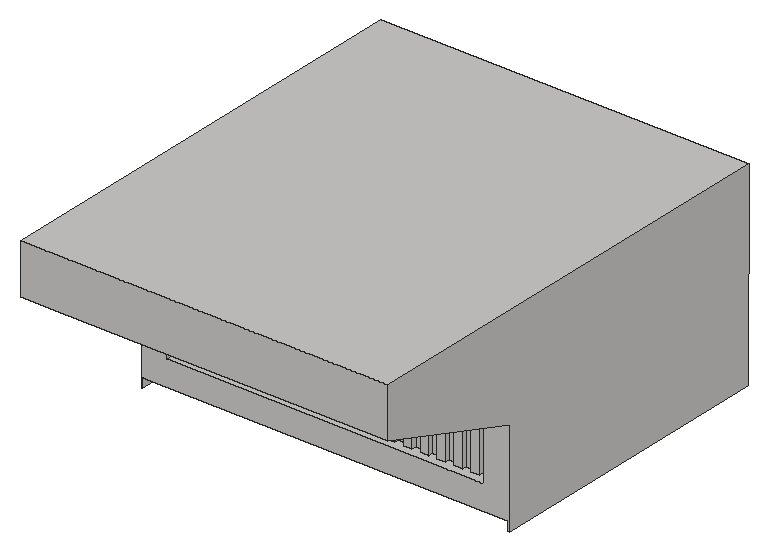
Revit family "QF_ZANUSSI_922730_HOEXFA2011", category Specialty Equipment, Revit 2021
Family settings
  Round Connector Dimension = Use Diameter
  Part Type = Normal
  Work Plane-Based = No
  Always vertical = Yes
  Cut with Voids When Loaded = No
  Shared = No
  Room Calculation Point = No
Parameters
  Weight = 52.00 kg
  Watts = 0 W
  Volts = 220 V
  URL Manufacturer = "http://www.zanussiprofessional.com"
  URL = "http://www.zanussiprofessional.com"
  Steam Supply Size = 0 mm
  Steam Supply Minimum Pressure = 0.0 Pa
  Steam Supply Maximum Pressure = 0.0 Pa
  Steam Pounds per Hour = 0
  Show Logo [instance] = yes
  Show Clearance [instance] = yes
  Refrigeration Suction Line Size = 0 mm
  Refrigeration Liquid Line Size = 0 mm
  Refrigerant Compressor Remote = yes
  Manufacturer = "Zanussi"
  Phase = 1
  Model = "HOSV11"
  Length Actual = 917 mm
  Item Number = "922730"
  Hot Water Size = 0 mm
  Height Actual = 450 mm
  HP = "0.6 HP"
  Gas Size = 0 mm
  Gas KW = 0
  Gas Input Pressure = 0 W
  Direct Waste Size = 0 mm
  Description = "EXHAUST HOOD WITH FAN FOR 20 GN 1/1 OVEN"
  Depth Actual = 1085 mm
  Default Elevation = 0 mm
  Cycle = 50 Hz
  Condensate Return Size = 0 mm
  Compressed Air Volume = 0.0 L/s
  Compressed Air Size = 0 mm
  Compressed Air Pressure = 0.0 Pa
  Cold Water Size = 0 mm
  Accessory = no
Reference planes
  plane 1 "Center X": y = 92.351
  plane 2: z = 0
  plane 3 "Center Y": x = -326.5
  plane 4 "LEFT": x = -760
  plane 5 "BACK": y = 479.851
  plane 6 "RIGHT": x = 107
  plane 7 "FRONT": y = -295.149
  plane 8 "TOP": z = 1728
  plane 9: y = -590.149
  plane 10: x = -764
  plane 11: x = 111
  plane 12: z = 2178
Forms (mm)
  Extrusion 1, solid, material "QF_Clearance", visible <- "Show Clearance", detail levels coarse
    sketch origin (0, 0, 0) x (1, 0, 0) y (0, 1, 0)
      loop
        line (-764, 479.851) -> (111, 479.851) -> (111, 629.851) -> (-764, 629.851) -> (-764, 479.851)
    from 1707 to 2178
  Extrusion 2, solid, material "QF_Clearance", visible <- "Show Clearance", detail levels coarse
    sketch origin (-1150.39, -1524, 2178) x (-1, 0, 0) y (0, -1, 0)
      loop
        line (-386.39, -933.851) -> (-1261.39, -933.851) -> (-1261.39, -2153.851) -> (-386.39, -2153.851) -> (-386.39, -933.851)
    from 450 to 0
  Extrusion 3, solid, material "QF_Finishes_Stainless Steel"
    sketch origin (-764, 902.856, 4000) x (0, 1, 0) y (0, 0, 1)
      loop
        line (-423.005, -2272) -> (-423.005, -1822) -> (-1493.005, -1822) -> (-1493.005, -1942.064) -> (-1133.005, -2066.021) -> (-1133.005, -2272) -> (-423.005, -2272)
    from 60 to 0
  Extrusion 4, solid, material "QF_Finishes_Stainless Steel"
    sketch origin (111, 902.856, 4000) x (0, 1, 0) y (0, 0, 1)
      loop
        line (-423.005, -2272) -> (-423.005, -1822) -> (-1493.005, -1822) -> (-1493.005, -1942.064) -> (-1133.005, -2066.021) -> (-1133.005, -2272) -> (-423.005, -2272)
    from -60 to 0
  Extrusion 5, solid, material "QF_Finishes_Stainless Steel"
    sketch origin (-326.5, 0, 0) x (0, 1, 0) y (0, 0, 1)
      loop
        line (479.851, 1728) -> (479.851, 2178) -> (-590.149, 2178) -> (-590.149, 2057.936) -> (-210.149, 2057.936) -> (-210.149, 1788) -> (-230.149, 1788) -> (-230.149, 1728) -> (479.851, 1728)
    from -377.5 to 377.5
  Extrusion 6, solid, material "QF_Finishes_Stainless Steel"
    sketch origin (0, -295.149, 0) x (-1, 0, 0) y (0, 0, 1)
      loop
        line (764, 1728) -> (760, 1728) -> (760, 1707) -> (764, 1707) -> (764, 1728)
      loop
        line (-107, 1728) -> (-111, 1728) -> (-111, 1707) -> (-107, 1707) -> (-107, 1728)
    from 65 to 775
  Extrusion 7, solid, material "QF_Finishes_Stainless Steel"
    sketch origin (0, 479.851, 0) x (-1, 0, 0) y (0, 0, 1)
      loop
        circle (-86, 2113) r 8
      loop
        circle (326.5, 1746) r 7
    from 0 to 20
  Extrusion 8, void
    sketch origin (0, 0, 0) x (1, 0, 0) y (0, 1, 0)
      loop
        line (-696.5, -200.149) -> (-696.5, -210.149) -> (-676.5, -210.149) -> (-676.5, -200.149) -> (-696.5, -200.149)
      loop
        line (-656.5, -200.149) -> (-656.5, -210.149) -> (-636.5, -210.149) -> (-636.5, -200.149) -> (-656.5, -200.149)
      loop
        line (-616.5, -200.149) -> (-616.5, -210.149) -> (-596.5, -210.149) -> (-596.5, -200.149) -> (-616.5, -200.149)
      loop
        line (-576.5, -200.149) -> (-576.5, -210.149) -> (-556.5, -210.149) -> (-556.5, -200.149) -> (-576.5, -200.149)
      loop
        line (-536.5, -200.149) -> (-536.5, -210.149) -> (-516.5, -210.149) -> (-516.5, -200.149) -> (-536.5, -200.149)
      loop
        line (-496.5, -200.149) -> (-496.5, -210.149) -> (-476.5, -210.149) -> (-476.5, -200.149) -> (-496.5, -200.149)
      loop
        line (-456.5, -200.149) -> (-456.5, -210.149) -> (-436.5, -210.149) -> (-436.5, -200.149) -> (-456.5, -200.149)
      loop
        line (-416.5, -200.149) -> (-416.5, -210.149) -> (-396.5, -210.149) -> (-396.5, -200.149) -> (-416.5, -200.149)
      loop
        line (-376.5, -200.149) -> (-376.5, -210.149) -> (-356.5, -210.149) -> (-356.5, -200.149) -> (-376.5, -200.149)
      loop
        line (-336.5, -200.149) -> (-336.5, -210.149) -> (-316.5, -210.149) -> (-316.5, -200.149) -> (-336.5, -200.149)
      loop
        line (-296.5, -200.149) -> (-296.5, -210.149) -> (-276.5, -210.149) -> (-276.5, -200.149) -> (-296.5, -200.149)
      loop
        line (-256.5, -200.149) -> (-256.5, -210.149) -> (-236.5, -210.149) -> (-236.5, -200.149) -> (-256.5, -200.149)
      loop
        line (-216.5, -200.149) -> (-216.5, -210.149) -> (-196.5, -210.149) -> (-196.5, -200.149) -> (-216.5, -200.149)
      loop
        line (-176.5, -200.149) -> (-176.5, -210.149) -> (-156.5, -210.149) -> (-156.5, -200.149) -> (-176.5, -200.149)
      loop
        line (-136.5, -200.149) -> (-136.5, -210.149) -> (-116.5, -210.149) -> (-116.5, -200.149) -> (-136.5, -200.149)
      loop
        line (-96.5, -200.149) -> (-96.5, -210.149) -> (-76.5, -210.149) -> (-76.5, -200.149) -> (-96.5, -200.149)
      loop
        line (-56.5, -200.149) -> (-56.5, -210.149) -> (-36.5, -210.149) -> (-36.5, -200.149) -> (-56.5, -200.149)
      loop
        line (-16.5, -200.149) -> (-16.5, -210.149) -> (3.5, -210.149) -> (3.5, -200.149) -> (-16.5, -200.149)
      loop
        line (23.5, -200.149) -> (23.5, -210.149) -> (43.5, -210.149) -> (43.5, -200.149) -> (23.5, -200.149)
    from 1788 to 2057.936
Cuts and joins
  joined: Extrusion 1, Extrusion 2
  Extrusion 8 cuts Extrusion 3
  Extrusion 8 cuts Extrusion 4
  Extrusion 8 cuts Extrusion 5
  Extrusion 8 cuts Extrusion 6
  Extrusion 8 cuts Extrusion 7
  joined: Extrusion 3, Extrusion 4, Extrusion 5, Extrusion 6, Extrusion 7
Lines and regions (mm)
  symbolic lines, style "QF_Clearances", visible <- "Show Clearance"
    curve 1: line (111, 629.851, 0) -> (-764, 629.851, 0)
  symbolic lines, style "Linee tratto punto"
    curve 2: line (-764, 479.851, 0) -> (111, 479.851, 0)
    curve 3: line (-764, -590.149, 0) -> (-764, 479.851, 0)
    curve 4: line (111, -590.149, 0) -> (-764, -590.149, 0)
    curve 5: line (111, 479.851, 0) -> (111, -590.149, 0)
    curve 16: line (-764, -590.149, 0) -> (111, 479.851, 0)
    curve 17: line (-764, 479.851, 0) -> (111, -590.149, 0)
  symbolic lines
    curve 6: line (-333.5, 499.851, 0) -> (-319.5, 499.851, 0)
    curve 7: line (-319.5, 499.851, 0) -> (-319.5, 479.851, 0)
    curve 8: line (-333.5, 499.851, 0) -> (-333.5, 479.851, 0)
    curve 9: line (94, 499.851, 0) -> (94, 479.851, 0)
    curve 10: line (94, 499.851, 0) -> (78, 499.851, 0)
    curve 11: line (78, 499.851, 0) -> (78, 479.851, 0)
  symbolic lines, style "SpecialityEquipmentHiddenLines"
    curve 12: line (-334, 338.851, 0) -> (-34, 338.851, 0)
    curve 13: line (-334, 38.851, 0) -> (-334, 338.851, 0)
    curve 14: line (-34, 38.851, 0) -> (-334, 38.851, 0)
    curve 15: line (-34, 338.851, 0) -> (-34, 38.851, 0)
Dimensions and locks
  equal spacing: plane 4 "LEFT", plane 3 "Center Y", plane 6 "RIGHT"
  plane 10 to plane 11 = 875 mm
  plane 5 "BACK" to plane 9 = 1070 mm
  equal spacing: plane 5 "BACK", plane 1 "Center X", plane 7 "FRONT"
  locked: plane 10 to plane 4 "LEFT" at 4
  locked: plane 6 "RIGHT" to plane 11 at 4
  cut or joined group of Extrusion 3, Extrusion 4, Extrusion 5, Extrusion 6, Extrusion 7, Extrusion 8 to Extrusion 7 sketch curve = 39 mm
  Extrusion 7 sketch curve to plane 12 = 65 mm
  plane 11 to Extrusion 7 sketch curve = 25 mm
  aligned and locked: level to plane 2
Automatic sketch dimensions
  Extrusion 1 sketch curve to plane 10 = 0 mm
  Extrusion 1 sketch curve to plane 11 = 0 mm
  Extrusion 1 sketch curve to plane 5 "BACK" = 0 mm
  plane 5 "BACK" to Extrusion 1 sketch curve = 150 mm
  Extrusion 2 sketch curve to plane 9 = 0 mm
  Extrusion 2 sketch curve to plane 11 = 0 mm
  Extrusion 2 sketch curve to plane 10 = 0 mm
  plane 5 "BACK" to Extrusion 2 sketch curve = 150 mm
  Extrusion 5 sketch curve to plane 9 = 0 mm
  Extrusion 5 sketch curve to plane 8 "TOP" = 0 mm
  Extrusion 5 sketch curve to plane 5 "BACK" = 0 mm
  Extrusion 5 sketch curve to plane 12 = 0 mm
  plane 7 "FRONT" to Extrusion 5 sketch curve = 65 mm
  plane 7 "FRONT" to Extrusion 5 sketch curve = 85 mm
  plane 8 "TOP" to Extrusion 5 sketch curve = 60 mm
  Extrusion 5 sketch curve to plane 12 = 120.064 mm
  Extrusion 6 sketch curve to plane 8 "TOP" = 0 mm  (x2)
  Extrusion 6 sketch curve to plane 11 = 0 mm
  Extrusion 6 sketch curve to plane 6 "RIGHT" = 0 mm
  Extrusion 6 sketch curve to plane 4 "LEFT" = 0 mm
  Extrusion 6 sketch curve to plane 10 = 0 mm
  Extrusion 6 sketch curve to plane 8 "TOP" = 21 mm
  Extrusion 6 sketch curve to Extrusion 6 sketch curve = 21 mm
  Extrusion 7 sketch curve to plane 3 "Center Y" = 0 mm
  curve 1 to plane 10 = 0 mm
  curve 4 to plane 10 = 0 mm
  curve 1 to plane 11 = 0 mm
  curve 16 to plane 5 "BACK" = 0 mm
  curve 16 to plane 11 = 0 mm
  curve 5 to plane 9 = 0 mm
  curve 8 to plane 3 "Center Y" = 7 mm
  plane 3 "Center Y" to curve 6 = 7 mm
  curve 12 to plane 3 "Center Y" = 7.5 mm
  curve 15 to plane 6 "RIGHT" = 141 mm
  curve 11 to plane 6 "RIGHT" = 29 mm
  curve 9 to plane 6 "RIGHT" = 13 mm
  plane 1 "Center X" to curve 14 = 53.5 mm
  curve 12 to plane 5 "BACK" = 141 mm
  curve 9 to curve 10 = 20 mm
  plane 5 "BACK" to curve 8 = 20 mm
  curve 9 to curve 1 = 130 mm
  Extrusion 4 sketch curve to plane 9 = 0 mm
  Extrusion 4 sketch curve to plane 8 "TOP" = 0 mm
  Extrusion 4 sketch curve to plane 5 "BACK" = 0 mm
  Extrusion 4 sketch curve to plane 12 = 0 mm
  plane 7 "FRONT" to Extrusion 4 sketch curve = 65 mm
  plane 8 "TOP" to Extrusion 4 sketch curve = 205.979 mm
  Extrusion 4 sketch curve to Extrusion 4 sketch curve = 120.064 mm
  Extrusion 3 sketch curve to plane 9 = 0 mm
  Extrusion 3 sketch curve to plane 8 "TOP" = 0 mm
  Extrusion 3 sketch curve to plane 5 "BACK" = 0 mm
  Extrusion 3 sketch curve to plane 12 = 0 mm
  plane 7 "FRONT" to Extrusion 3 sketch curve = 65 mm
  plane 8 "TOP" to Extrusion 3 sketch curve = 205.979 mm
  Extrusion 3 sketch curve to Extrusion 3 sketch curve = 120.064 mm
  plane 4 "LEFT" to Extrusion 8 sketch curve = 63.5 mm
  Extrusion 8 sketch curve to Extrusion 8 sketch curve = 20 mm  (x35)
  Extrusion 8 sketch curve to plane 3 "Center Y" = 30 mm
  Extrusion 8 sketch curve to plane 3 "Center Y" = 10 mm
  plane 7 "FRONT" to Extrusion 8 sketch curve = 85 mm  (x2)
  Extrusion 8 sketch curve to Extrusion 8 sketch curve = 0 mm  (x17)
  Extrusion 8 sketch curve to Extrusion 8 sketch curve = 10 mm  (x19)
  radius of Extrusion 7 sketch curve = 8 mm
  radius of Extrusion 7 sketch curve = 7 mm
Connectors
  electrical at (86, 499.851, 2113)
    settings: on cut or joined group of Extrusion 3, Extrusion 4, Extrusion 5, Extrusion 6, Extrusion 7, Extrusion 8, index 1, voltage 0 V, apparent load 0 VA, apparent load phase1 0 VA, apparent load phase2 0 VA, apparent load phase3 0 VA, power factor 1, load classification "Altro", number of poles 1, system type 30, power factor state 1, is connector primary yes, connector utility no, sub classification motor no, connector description "Electrical Connection"
  piping at (-326.5, 499.851, 1746), diameter 14
    settings: on cut or joined group of Extrusion 3, Extrusion 4, Extrusion 5, Extrusion 6, Extrusion 7, Extrusion 8, index 2, connector inside diameter 609.6 mm, connector length 0 mm, flow factor 0, pipe flow 0.0 L/s, pressure drop 0.0 Pa, fitting loss kfactor 0, connector angle 0.00°, fixture units 0, engagement length 0 mm, angle of deflection 0.00°, flow configuration 1, flow direction 2, fitting loss method 0, system type 16, joint type 0, gender type 0, connector reference index -1, connector utility 0, adjustable connector no, is connector primary yes, connector description "Drain"
